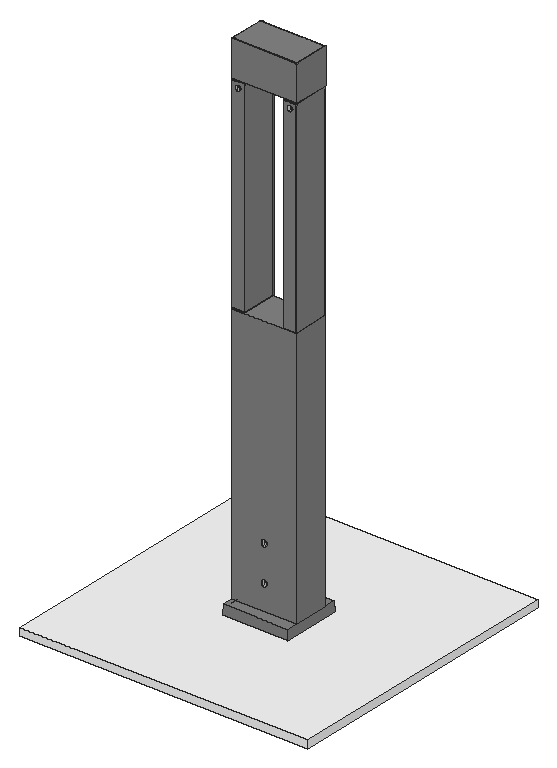
Revit family "BE_77266_de_DE", category Leuchten, Revit 2015
Parameters (values of type "BEGA_77266_Grafit_K3")
  built-in parameter 1150104 = 11.281 (stored number, unit not read)
  Wattage = 4.2 W
  Default Elevation = 0 mm
  built-in parameter 1150113 = 1 (stored number, unit not read)
  built-in parameter 1114218 = 1 (stored number, unit not read)
  Umgebungstemperatur = "25 °C"
  URL = "http://www.bega.de/produkt/77266"
  Typenkommentare = "© 2016 BEGA. Wir behalten uns das Recht vor, technische Änderungen ohne vorherige Ankündigung vorzunehmen."  # constant formula
  Type Image = 77266.png
  built-in parameter 1150134 = (empty or 0)
  built-in parameter 1150109 = 1 (stored number, unit not read)
  Strom = ""
  built-in parameter 1150110 = 1 (stored number, unit not read)
  Spannung = 239.996 V
  Sonderanfertigung = no
  Seriennummer [instance] = "Hier können Sie die eindeutige Seriennummer für das Facility Management eintragen."
  Schutzklasse = "I"
  Schutzart = "IP 65"
  Scheinlast = 0 VA
  Produktdatenblatt = "http://www.bega.de/download/Xrfa/db/77266.db.de.pdf"
  Oberflächentemperatur = ""
  Neigungswinkel = 0.00°
  Modell = "77266"
  Material_18 = BEGA_Gummi_schwarz
  Material_17 = BEGA_Reflektor
  Material_15 = BEGA_Leuchtmedium_matt
  Material_10 = BEGA_Glas_matt
  Material_08 = BEGA_Oberfläche_Stahl_verzinkt
  Material_06 = BEGA_Oberfläche_Edelstahl_gebürstet
  Material_03 = BEGA_Oberfläche_Weiss_matt
  Material_02 = BEGA_Oberfläche_Silber_matt
  Material_01 [instance] = BEGA_Oberfläche_Grafit_matt
  M_G = yes
  M_A = no
  Logo = 0
  built-in parameter 1114217 = 1 (stored number, unit not read)
  built-in parameter 1150139 = (empty or 0)
  built-in parameter 1150105 = 40.585 (stored number, unit not read)
  built-in parameter 1150114 = 1 (stored number, unit not read)
  Lumens = 510.006 lm
  built-in parameter 1150115 = 1 (stored number, unit not read)
  Leuchtenlichtstrom = "156 lm"
  Leuchtenanzahl = ""
  Lebensdauerkriterien = "L70 = 50.000 h"
  Lastklassifizierung = Beleuchtung
  built-in parameter 1150112 = 1 (stored number, unit not read)
  Lampenlichtstrom = "510 lm"
  Lampe = "LED 4.2 W"
  LED_Modulbezeichnung = "2x LED-0234/930"
  built-in parameter 1150142 = (empty or 0)
  Hersteller = "BEGA"  # constant formula
  Halbstreuwinkel = ""
  Gewicht = "2.2 kg"
  Gebrauchslageneinschränkung [instance] = ""
  Frequenz = "0/50-60 Hz"
  Farbwiedergabeindex = "Ra > 90"
  Farbtemperaturverschiebung bei Dämpfen der Lampe = <Keine Auswahl>
  Farbtemperatur = "3000 K"
  Color Filter = 16777215
  built-in parameter 1150133 = 10 (stored number, unit not read)
  Energieeffizienzklasse = "LED A++ - A"
  built-in parameter 1150137 = (empty or 0)
  built-in parameter 1150132 = (empty or 0)
  ENEC = ""
  Dimmbar [instance] = ""
  Datei für fotometrisches Netz = "BE_77266.IES"
  CE_Konformität = "ja"
  Bestellnummer = "77266"
  Beschreibung_Sonderanfertigung = "Hier können Sie Informationen zur Sonderanfertigung eintragen."
  Beschreibung = "Garten- und Wegeleuchte"
  built-in parameter 1150106 = 0.40585 (stored number, unit not read)
  Befestigungsbohrung = "Ø 5,5 mm"
  Befestigungsabstand = ""
  Ballwurfsicher = ""
  BEGA_Intern_aus = yes
  BEGA_Intern_an = yes
  BEGA_Intern_Konstruktion = yes
  BEGA_Intern = yes
  BEGA_IES = yes
  BEGA_Dummy = no
  Anschlussleitung = ""
  Anschlussleistung [instance] = "5.8 W"
  Anschlusskasten = ""
  built-in parameter 1150107 = 3000 (stored number, unit not read)
  built-in parameter 1150102 = (empty or 0)
  built-in parameter 1150138 = (empty or 0)
  Aktualisierung = "2016-11-25T04:14:57"
  Abstand_zur_angestrahlten_Fläche [instance] = ""
  AC/DC = "AC/DC"
Types (2, lengths in mm): name | Modell | M_G | M_A | Bestellnummer
  BEGA_77266_Silber_K3 | "77266A" | no | yes | "77266A"
  BEGA_77266_Grafit_K3 | "77266" | yes | no | "77266"
Reference planes
  plane 1 "Mitte (Vorne/Hinten)": y = 0
  plane 2: z = 0
  plane 3 "Mitte (Links/Rechts)": x = 0
  plane 4 "Links": x = -45.237
  plane 5 "Rechts": x = 45.237
  plane 6 "Unten": y = -40.235
  plane 7 "Oben": y = 40.235
  plane 8 "Vorne": z = 712.472
  plane 9 "Hinten": z = 0
Forms (mm)
  Extrusion 1, solid, material "BEGA_Platte_Weiss"
    sketch origin (0, -1119.2, 0) x (1, 0, 0) y (0, 1, 0)
      loop
        line (-200, 1319.2) -> (-200, 919.2) -> (200, 919.2) -> (200, 1319.2) -> (-200, 1319.2)
    from 0 to -10
  Extrusion 2, solid, material "BEGA_Dummy_matt", visible <- "BEGA_Dummy"
    sketch origin (80.095, -76.023, 0) x (1, 0, 0) y (0, 1, 0)
      loop
        line (-125.332, 116.258) -> (-125.332, 35.788) -> (-34.858, 35.788) -> (-34.858, 116.258) -> (-125.332, 116.258)
    from 0 to 712.472
Dimensions and locks
  plane 1 "Mitte (Vorne/Hinten)" to Extrusion 1 = 200 mm
  aligned and locked: plane 2 to Extrusion 1
  aligned and locked: level to Extrusion 1
Nested families
  nested 1: "BE_77266" at (0, 0, 0), type "BE_77266"
Connectors
  electrical at (0, 0, 0), driven by "Lastklassifizierung", driven by "Spannung", driven by "Scheinlast"
    settings: index 1, voltage 239.996 V, apparent load 0 VA, apparent load phase1 0 VA, apparent load phase2 0 VA, apparent load phase3 0 VA, power factor 1, load classification "Beleuchtung", number of poles 1, system type 31, power factor state 1, is connector primary yes, connector utility no, sub classification motor no, connector description ""
Definition of nested family "BE_77266"
  Parameters (values of type "BE_77266")
    Default Elevation = 1 mm
    URL = "http://www.bega.de/de/produkt"
    Type Comments = "© 2015 BEGA. Wir behalten uns das Recht vor, technische Änderungen ohne vorherige Ankündigung vorzunehmen. "  # constant formula
    Type Image = (empty or 0)
    Material_18 = none
    Material_17 = none
    Material_15 = none
    Material_11 = none
    Material_10 = none
    Material_09 = none
    Material_08 = none
    Material_06 = none
    Material_03 = none
    Material_02 = none
    Material_01 = none
    M_W = yes
    M_G = yes
    M_A = yes
    Länge_Platte = 200 mm  # constant formula
    Höhe_Platte = -10 mm  # constant formula
    Manufacturer = "BEGA"  # constant formula
    Breite_Platte = 200 mm  # constant formula
  Reference planes
    plane 1 "Mitte (Oben/Unten)": y = 0
    plane 2: z = 0
    plane 3 "Mitte (Links/Rechts)": x = 0
    plane 4: x = -45.237
    plane 5: z = 712.472
    plane 6: x = 45.237
    plane 7: y = -40.235
    plane 8: y = 40.235
  Forms (mm)
    Extrusion 1, solid, detail levels medium
      sketch origin (0, 0, 0) x (1, 0, 0) y (0, 1, 0)
        loop
          line (-100, 100) -> (-100, -100) -> (100, -100) -> (100, 100) -> (-100, 100)
      from 0 to -10 <- "Höhe_Platte"
    Sweep 2, solid, material <- "Material_01", visible <- "M_G", detail levels medium+fine
      path origin (0, 0, 0) x (1, 0, 0) y (0, 1, 0)
        loop
          line (-45.237, -40.235) -> (45.233, -40.235) -> (45.233, 40.235) -> (-45.237, 40.235) -> (-45.237, -40.235)
      profile origin (-45.237, 0, 0) x (-1, 0, 0) y (0, 0, 1)
        loop
          line (0, 0) -> (-0.237, 13.572) -> (-6.018, 13.572) -> (-6.018, 10.872) -> (-3.903, 10.872)
          arc (-3.903, 10.872) -> (-3.207, 10.591) -> (-2.903, 9.905) r 1
          line (-2.903, 9.905) -> (-2.557, 0) -> (0, 0)
    Extrusion 3, solid, material <- "Material_01", visible <- "M_G", detail levels medium+fine
      sketch origin (0, 0, 0) x (0, 1, 0) y (0, 0, 1)
        loop
          line (-34.217, 13.572) -> (-34.217, 10.872) -> (-24.011, 10.872) -> (-24.011, 13.572) -> (-34.217, 13.572)
        loop
          line (34.217, 13.572) -> (24.011, 13.572) -> (24.011, 10.872) -> (34.217, 10.872) -> (34.217, 13.572)
      from -39.318 to 39.318
    Revolve 4, solid, material <- "Material_08", detail levels medium+fine
      sketch origin (0, 0, 0) x (1, 0, 0) y (0, 0, 1)
        loop
          line (-21.066, 1) -> (-19.062, 1) -> (-19.062, 120) -> (-21.066, 120) -> (-21.066, 1)
        axis (0, 120) -> (0, 1)
      angle from 0 to 360
    Revolve 5, solid, material <- "Material_08", detail levels medium+fine
      sketch origin (0, 0, 0) x (1, 0, 0) y (0, 0, 1)
        loop
          line (-35, 0) -> (-23.104, 0)
          arc (-23.104, 0) -> (-21.958, 0.278) -> (-21.066, 1.048) r 2.506
          line (-21.066, 1.048) -> (-21.066, 3.828) -> (-22.897, 2) -> (-35, 2) -> (-35, 0)
        axis (0, 3.828) -> (0, 0)
      angle from 0 to 360
    Extrusion 6, void
      sketch origin (0, 0, 0) x (1, 0, 0) y (0, 1, 0)
        loop
          arc (-28.87, -19.787) -> (0, -35) -> (28.87, -19.787) r 35
          line (28.87, -19.787) -> (4.279, -24.123)
          arc (4.279, -24.123) -> (0, -24.5) -> (-4.279, -24.123) r 24.5
          line (-4.279, -24.123) -> (-28.87, -19.787)
      from 0 to 4.997
    Extrusion 7, void
      sketch origin (0, 0, 0) x (1, 0, 0) y (0, 1, 0)
        loop
          circle (0, 30) r 2.75
        loop
          circle (-25.981, -15) r 2.75
        loop
          circle (25.981, -15) r 2.75
      from 0 to 5.294
    Sweep 8, solid, material <- "Material_01", visible <- "M_G", detail levels medium+fine
      path origin (0, 0, 0) x (1, 0, 0) y (0, 1, 0)
        loop
          line (45.233, -25.624) -> (45.233, 24.8) -> (-45.237, 24.8) -> (-45.237, -25.624) -> (45.233, -25.624)
      profile origin (45.233, -0.412, 0) x (-1, 0, 0) y (0, 0, 1)
        loop
          line (3.233, 13.572) -> (3.233, 373.572) -> (0.233, 373.572) -> (0.233, 13.572) -> (3.233, 13.572)
    Revolve 9, void
      sketch origin (0, 0, 0) x (0, 1, 0) y (0, 0, 1)
        loop
          line (-25.391, 52.572) -> (-25.391, 48.572) -> (-22.203, 48.572) -> (-22.203, 52.572) -> (-25.391, 52.572)
        axis (-25.391, 48.572) -> (-22.203, 48.572)
      angle from 0 to 360
    Revolve 10, void
      sketch origin (0, 0, 50) x (0, 1, 0) y (0, 0, 1)
        loop
          line (-25.391, 52.572) -> (-25.391, 48.572) -> (-22.203, 48.572) -> (-22.203, 52.572) -> (-25.391, 52.572)
        axis (-25.391, 48.572) -> (-22.203, 48.572)
      angle from 0 to 360
    Revolve 11, solid, material <- "Material_06", detail levels fine
      sketch origin (0, 0, 50) x (0, 1, 0) y (0, 0, 1)
        loop
          line (-25.391, 52.502) -> (-25.391, 48.572) -> (-19.111, 48.572) -> (-19.111, 51.572) -> (-21.917, 51.572) -> (-21.917, 52.745) -> (-25.391, 52.502)
        axis (-25.391, 48.572) -> (-19.111, 48.572)
      angle from 0 to 360
    Revolve 12, solid, material <- "Material_06", detail levels fine
      sketch origin (0, 0, 0) x (0, 1, 0) y (0, 0, 1)
        loop
          line (-25.391, 52.502) -> (-25.391, 48.572) -> (-19.111, 48.572) -> (-19.111, 51.572) -> (-21.917, 51.572) -> (-21.917, 52.745) -> (-25.391, 52.502)
        axis (-25.391, 48.572) -> (-19.111, 48.572)
      angle from 0 to 360
    Extrusion 13, solid, material <- "Material_01", visible <- "M_G", detail levels medium+fine
      sketch origin (0, 0, 0) x (1, 0, 0) y (0, 1, 0)
        loop
          line (-26.974, -24.916) -> (-26.974, 24.084)
          arc (-26.974, 24.084) -> (-27.12, 24.438) -> (-27.474, 24.584) r 0.5
          line (-27.474, 24.584) -> (-44.474, 24.584)
          arc (-44.474, 24.584) -> (-44.827, 24.438) -> (-44.974, 24.084) r 0.5
          line (-44.974, 24.084) -> (-44.974, -24.916)
          arc (-44.974, -24.916) -> (-44.827, -25.269) -> (-44.474, -25.416) r 0.5
          line (-44.474, -25.416) -> (-27.474, -25.416)
          arc (-27.474, -25.416) -> (-27.12, -25.269) -> (-26.974, -24.916) r 0.5
        loop
          line (-29.498, -21.916) -> (-29.498, 22.084) -> (-42.474, 22.084) -> (-42.474, -21.916) -> (-29.498, -21.916)
        loop
          arc (26.974, -24.916) -> (27.12, -25.269) -> (27.474, -25.416) r 0.5
          line (27.474, -25.416) -> (44.474, -25.416)
          arc (44.474, -25.416) -> (44.827, -25.269) -> (44.974, -24.916) r 0.5
          line (44.974, -24.916) -> (44.974, 24.084)
          arc (44.974, 24.084) -> (44.827, 24.438) -> (44.474, 24.584) r 0.5
          line (44.474, 24.584) -> (27.474, 24.584)
          arc (27.474, 24.584) -> (27.12, 24.438) -> (26.974, 24.084) r 0.5
          line (26.974, 24.084) -> (26.974, -24.916)
        loop
          line (29.498, -21.916) -> (42.474, -21.916) -> (42.474, 22.084) -> (29.498, 22.084) -> (29.498, -21.916)
      from 376.972 to 660.968
    Sweep 14, solid, material <- "Material_01", visible <- "M_G", detail levels medium+fine
      path origin (0, 0, 0) x (1, 0, 0) y (0, 1, 0)
        loop
          line (-44.974, 24.984) -> (-44.974, -25.016) -> (44.974, -25.016) -> (44.974, 24.984) -> (-44.974, 24.984)
      profile origin (-44.974, -0.016, 0) x (1, 0, 0) y (0, 0, 1)
        loop
          line (-0.026, 662.472) -> (16.652, 662.472) -> (16.652, 666.772) -> (19.305, 666.772) -> (19.305, 668.272) -> (2.165, 668.571) -> (2.374, 692.548) -> (7.245, 692.548) -> (7.54, 709.472) -> (16.528, 709.472) -> (16.528, 712.472) -> (0.474, 712.472)
          arc (0.474, 712.472) -> (0.12, 712.326) -> (-0.026, 711.972) r 0.5
          line (-0.026, 711.972) -> (-0.026, 662.472)
    Extrusion 15, solid, material <- "Material_01", visible <- "M_G", detail levels medium+fine
      sketch origin (0, 0, 0) x (1, 0, 0) y (0, 0, 1)
        loop
          line (-28.446, 709.472) -> (28.446, 709.472) -> (28.446, 712.472) -> (-28.446, 712.472) -> (-28.446, 709.472)
      from -8.457 to 8.5
    Extrusion 16, solid, material <- "Material_01", visible <- "M_G", detail levels medium+fine
      sketch origin (0, 0, 0) x (1, 0, 0) y (0, 0, 1)
        loop
          line (-45, 375.472) -> (-45, 373.572) -> (45, 373.572) -> (45, 375.472) -> (-45, 375.472)
      from -24.583 to 25.417
    Extrusion 17, solid, material <- "Material_01", visible <- "M_G", detail levels medium+fine
      sketch origin (0, 0, 0) x (1, 0, 0) y (0, 0, 1)
        loop
          line (-44.25, 375.472) -> (-27.776, 375.472) -> (-27.776, 376.972) -> (-44.25, 376.972) -> (-44.25, 375.472)
        loop
          line (44.25, 375.472) -> (44.25, 376.972) -> (27.776, 376.972) -> (27.776, 375.472) -> (44.25, 375.472)
      from -23.823 to 24.657
    Extrusion 18, void
      sketch origin (0, 0, 0) x (0, 1, 0) y (0, 0, 1)
        loop
          line (-19.543, 666.772) -> (-19.543, 659.674) -> (19.543, 659.674) -> (19.543, 666.772) -> (-19.543, 666.772)
      from -28.322 to 28.322
    Extrusion 19, void
      sketch origin (0, 0, 0) x (0, 1, 0) y (0, 0, 1)
        loop
          line (-16.869, 669.807) -> (-16.869, 666.472) -> (17.005, 666.472) -> (17.005, 669.807) -> (-16.869, 669.807)
      from -25.669 to 25.669
    Extrusion 20, solid, material <- "Material_10", detail levels medium+fine
      sketch origin (0, 0, 0) x (1, 0, 0) y (0, 0, 1)
        loop
          line (-28, 662.472) -> (28, 662.472) -> (28, 666.472) -> (-28, 666.472) -> (-28, 662.472)
      from -19.25 to 19.25
    Extrusion 21, solid, material <- "Material_01", visible <- "M_G", detail levels medium+fine
      sketch origin (0, 0, 0) x (1, 0, 0) y (0, 0, 1)
        loop
          line (-44.276, 662.472) -> (-44.276, 660.968) -> (-27.75, 660.968) -> (-27.75, 662.472) -> (-44.276, 662.472)
        loop
          line (44.276, 662.472) -> (27.75, 662.472) -> (27.75, 660.968) -> (44.276, 660.968) -> (44.276, 662.472)
      from -24.256 to 24.257
    Revolve 22, solid, material <- "Material_06", detail levels fine
      sketch origin (-36, 0, 0) x (0, 1, 0) y (0, 0, -1)
        loop
          line (-24.596, -652.972) -> (-25.817, -652.972) -> (-25.817, -656.172) -> (-24.596, -656.172) -> (-24.596, -652.972)
        axis (-25.817, -652.972) -> (-24.596, -652.972)
      angle from 0 to 360
    Revolve 23, solid, material <- "Material_06", detail levels fine
      sketch origin (36, 0, 0) x (0, 1, 0) y (0, 0, 1)
        loop
          line (-24.596, 652.972) -> (-24.596, 656.172) -> (-25.817, 656.172) -> (-25.817, 652.972) -> (-24.596, 652.972)
        axis (-25.817, 652.972) -> (-24.596, 652.972)
      angle from 0 to 360
    Sweep 24, solid, material <- "Material_02", visible <- "M_A", detail levels medium+fine
      path origin (0, 0, 0) x (1, 0, 0) y (0, 1, 0)
        loop
          line (-45.237, -40.235) -> (45.233, -40.235) -> (45.233, 40.235) -> (-45.237, 40.235) -> (-45.237, -40.235)
      profile origin (-45.237, 0, 0) x (-1, 0, 0) y (0, 0, 1)
        loop
          line (0, 0) -> (-0.237, 13.572) -> (-6.018, 13.572) -> (-6.018, 10.872) -> (-3.903, 10.872)
          arc (-3.903, 10.872) -> (-3.207, 10.591) -> (-2.903, 9.905) r 1
          line (-2.903, 9.905) -> (-2.557, 0) -> (0, 0)
    Extrusion 25, solid, material <- "Material_02", visible <- "M_A", detail levels medium+fine
      sketch origin (0, 0, 0) x (0, 1, 0) y (0, 0, 1)
        loop
          line (-34.217, 13.572) -> (-34.217, 10.872) -> (-24.011, 10.872) -> (-24.011, 13.572) -> (-34.217, 13.572)
        loop
          line (34.217, 13.572) -> (24.011, 13.572) -> (24.011, 10.872) -> (34.217, 10.872) -> (34.217, 13.572)
      from -39.318 to 39.318
    Sweep 26, solid, material <- "Material_02", visible <- "M_A", detail levels medium+fine
      path origin (0, 0, 0) x (1, 0, 0) y (0, 1, 0)
        loop
          line (45.233, -25.624) -> (45.233, 24.8) -> (-45.237, 24.8) -> (-45.237, -25.624) -> (45.233, -25.624)
      profile origin (45.233, -0.412, 0) x (-1, 0, 0) y (0, 0, 1)
        loop
          line (3.233, 13.572) -> (3.233, 373.572) -> (0.233, 373.572) -> (0.233, 13.572) -> (3.233, 13.572)
    Extrusion 27, solid, material <- "Material_02", visible <- "M_A", detail levels medium+fine
      sketch origin (0, 0, 0) x (1, 0, 0) y (0, 0, 1)
        loop
          line (-45, 375.472) -> (-45, 373.572) -> (45, 373.572) -> (45, 375.472) -> (-45, 375.472)
      from -24.583 to 25.417
    Extrusion 28, solid, material <- "Material_02", visible <- "M_A", detail levels medium+fine
      sketch origin (0, 0, 0) x (1, 0, 0) y (0, 0, 1)
        loop
          line (-44.25, 375.472) -> (-27.776, 375.472) -> (-27.776, 376.972) -> (-44.25, 376.972) -> (-44.25, 375.472)
        loop
          line (44.25, 375.472) -> (44.25, 376.972) -> (27.776, 376.972) -> (27.776, 375.472) -> (44.25, 375.472)
      from -23.823 to 24.657
    Sweep 29, solid, material <- "Material_02", visible <- "M_A", detail levels medium+fine
      path origin (0, 0, 0) x (1, 0, 0) y (0, 1, 0)
        loop
          line (-44.974, 24.984) -> (-44.974, -25.016) -> (44.974, -25.016) -> (44.974, 24.984) -> (-44.974, 24.984)
      profile origin (-44.974, -0.016, 0) x (1, 0, 0) y (0, 0, 1)
        loop
          line (-0.026, 662.472) -> (16.652, 662.472) -> (16.652, 666.772) -> (19.305, 666.772) -> (19.305, 668.272) -> (2.165, 668.571) -> (2.374, 692.548) -> (7.245, 692.548) -> (7.54, 709.472) -> (16.528, 709.472) -> (16.528, 712.472) -> (0.474, 712.472)
          arc (0.474, 712.472) -> (0.12, 712.326) -> (-0.026, 711.972) r 0.5
          line (-0.026, 711.972) -> (-0.026, 662.472)
    Extrusion 30, solid, material <- "Material_02", visible <- "M_A", detail levels medium+fine
      sketch origin (0, 0, 0) x (1, 0, 0) y (0, 0, 1)
        loop
          line (-28.446, 709.472) -> (28.446, 709.472) -> (28.446, 712.472) -> (-28.446, 712.472) -> (-28.446, 709.472)
      from -8.457 to 8.5
    Extrusion 31, solid, material <- "Material_02", visible <- "M_A", detail levels medium+fine
      sketch origin (0, 0, 0) x (1, 0, 0) y (0, 0, 1)
        loop
          line (-44.276, 662.472) -> (-44.276, 660.968) -> (-27.75, 660.968) -> (-27.75, 662.472) -> (-44.276, 662.472)
        loop
          line (44.276, 662.472) -> (27.75, 662.472) -> (27.75, 660.968) -> (44.276, 660.968) -> (44.276, 662.472)
      from -24.256 to 24.257
    Extrusion 32, solid, material <- "Material_02", visible <- "M_A", detail levels medium+fine
      sketch origin (0, 0, 0) x (1, 0, 0) y (0, 1, 0)
        loop
          line (-26.974, -24.916) -> (-26.974, 24.084)
          arc (-26.974, 24.084) -> (-27.12, 24.438) -> (-27.474, 24.584) r 0.5
          line (-27.474, 24.584) -> (-44.474, 24.584)
          arc (-44.474, 24.584) -> (-44.827, 24.438) -> (-44.974, 24.084) r 0.5
          line (-44.974, 24.084) -> (-44.974, -24.916)
          arc (-44.974, -24.916) -> (-44.827, -25.269) -> (-44.474, -25.416) r 0.5
          line (-44.474, -25.416) -> (-27.474, -25.416)
          arc (-27.474, -25.416) -> (-27.12, -25.269) -> (-26.974, -24.916) r 0.5
        loop
          line (-29.498, -21.916) -> (-29.498, 22.084) -> (-42.474, 22.084) -> (-42.474, -21.916) -> (-29.498, -21.916)
        loop
          arc (26.974, -24.916) -> (27.12, -25.269) -> (27.474, -25.416) r 0.5
          line (27.474, -25.416) -> (44.474, -25.416)
          arc (44.474, -25.416) -> (44.827, -25.269) -> (44.974, -24.916) r 0.5
          line (44.974, -24.916) -> (44.974, 24.084)
          arc (44.974, 24.084) -> (44.827, 24.438) -> (44.474, 24.584) r 0.5
          line (44.474, 24.584) -> (27.474, 24.584)
          arc (27.474, 24.584) -> (27.12, 24.438) -> (26.974, 24.084) r 0.5
          line (26.974, 24.084) -> (26.974, -24.916)
        loop
          line (29.498, -21.916) -> (42.474, -21.916) -> (42.474, 22.084) -> (29.498, 22.084) -> (29.498, -21.916)
      from 376.972 to 660.968
  Cuts and joins
    Extrusion 7 cuts Sweep 2
    Extrusion 7 cuts Extrusion 3
    joined: Sweep 2, Extrusion 3
    Extrusion 6, Extrusion 7 cuts Revolve 4
    Extrusion 6, Extrusion 7 cuts Revolve 5
    joined: Revolve 4, Revolve 5
    Revolve 9, Revolve 10 cuts Sweep 8
    joined: Sweep 8, Extrusion 16, Extrusion 17
    Extrusion 18, Extrusion 19 cuts Sweep 14
    Extrusion 19 cuts Extrusion 15
    joined: Sweep 14, Extrusion 15, Extrusion 21
    joined: Sweep 24, Extrusion 25
    Revolve 9, Revolve 10 cuts Sweep 26
    joined: Sweep 26, Extrusion 27, Extrusion 28
    Extrusion 18, Extrusion 19 cuts Sweep 29
    joined: Sweep 29, Extrusion 30, Extrusion 31
  Dimensions and locks
    equal spacing: Extrusion 1 sketch curve, plane 3 "Mitte (Links/Rechts)", Extrusion 1 sketch curve
    equal spacing: Extrusion 1 sketch curve, plane 1 "Mitte (Oben/Unten)", Extrusion 1 sketch curve
    "Länge_Platte": Extrusion 1 sketch curve to Extrusion 1 sketch curve
    "Breite_Platte": Extrusion 1 sketch curve to Extrusion 1 sketch curve
    aligned and locked: Extrusion 1 to plane 2
    aligned and locked: level to Extrusion 1
  Automatic sketch dimensions
    Sweep 2 sketch curve to plane 3 "Mitte (Links/Rechts)" = 45.237 mm
    plane 3 "Mitte (Links/Rechts)" to Sweep 2 sketch curve = 45.233 mm
    plane 1 "Mitte (Oben/Unten)" to Sweep 2 sketch curve = 40.235 mm
    Sweep 2 sketch curve to plane 1 "Mitte (Oben/Unten)" = 40.235 mm
    Sweep 2 sketch curve to level = 0 mm
    profile plane to Sweep 2 sketch curve = 6.018 mm
    Sweep 2 sketch curve to Sweep 2 sketch curve = 2.115 mm
    Sweep 2 sketch curve to Sweep 2 sketch curve = 0.999 mm
    profile plane to Sweep 2 sketch curve = 2.557 mm
    profile plane to Sweep 2 sketch curve = 0.237 mm
    profile plane to Sweep 2 sketch curve = 0 mm
    level to Sweep 2 sketch curve = 9.872 mm
    Sweep 2 sketch curve to Sweep 2 sketch curve = 0.033 mm
    Sweep 2 sketch curve to Sweep 2 sketch curve = 3.667 mm
    level to Extrusion 3 sketch curve = 10.872 mm  (x2)
    plane 1 "Mitte (Oben/Unten)" to Extrusion 3 sketch curve = 34.217 mm
    Extrusion 3 sketch curve to Extrusion 3 sketch curve = 10.207 mm  (x2)
    Extrusion 3 sketch curve to plane 1 "Mitte (Oben/Unten)" = 24.011 mm
    Extrusion 3 sketch curve to Extrusion 3 sketch curve = 2.7 mm  (x2)
    Revolve 4 sketch curve to plane 3 "Mitte (Links/Rechts)" = 0 mm
    level to Revolve 4 sketch curve = 1 mm
    Revolve 4 sketch curve to plane 3 "Mitte (Links/Rechts)" = 19.062 mm
    Revolve 4 sketch curve to Revolve 4 sketch curve = 2.004 mm
    Revolve 4 sketch curve to Revolve 4 sketch curve = 119 mm
    Revolve 4 sketch curve to Revolve 4 sketch curve = 50 mm
    Revolve 4 sketch curve to Revolve 4 sketch curve = 10 mm
    Revolve 5 sketch curve to level = 0 mm
    Revolve 5 sketch curve to plane 3 "Mitte (Links/Rechts)" = 0 mm
    level to Revolve 5 sketch curve = 3.828 mm
    Revolve 5 sketch curve to plane 3 "Mitte (Links/Rechts)" = 21.066 mm
    level to Revolve 5 sketch curve = 2 mm
    Revolve 5 sketch curve to Revolve 5 sketch curve = 1.831 mm
    Revolve 5 sketch curve to Revolve 5 sketch curve = 0.207 mm
    Revolve 5 sketch curve to Revolve 5 sketch curve = 11.896 mm
    level to Revolve 5 sketch curve = 1.048 mm
    Revolve 5 sketch curve to Revolve 5 sketch curve = 0.506 mm
    Revolve 5 sketch curve to Revolve 5 sketch curve = 0 mm
    Revolve 5 sketch curve to level = 2 mm
    level to Revolve 5 sketch curve = 3.439 mm
    Extrusion 6 sketch curve to Extrusion 6 sketch curve = 0 mm  (x2)
    plane 1 "Mitte (Oben/Unten)" to Extrusion 6 sketch curve = 0 mm
    Extrusion 6 sketch curve to plane 3 "Mitte (Links/Rechts)" = 0 mm
    Extrusion 6 sketch curve to plane 3 "Mitte (Links/Rechts)" = 4.279 mm
    Extrusion 6 sketch curve to Extrusion 6 sketch curve = 24.59 mm  (x2)
    plane 3 "Mitte (Links/Rechts)" to Extrusion 6 sketch curve = 4.279 mm
    plane 1 "Mitte (Oben/Unten)" to Extrusion 6 sketch curve = 19.787 mm
    plane 1 "Mitte (Oben/Unten)" to Extrusion 6 sketch curve = 24.123 mm
    Sweep 8 sketch curve to plane 3 "Mitte (Links/Rechts)" = 45.237 mm
    plane 3 "Mitte (Links/Rechts)" to Sweep 8 sketch curve = 45.233 mm
    plane 1 "Mitte (Oben/Unten)" to Sweep 8 sketch curve = 25.624 mm
    Sweep 8 sketch curve to plane 1 "Mitte (Oben/Unten)" = 24.8 mm
    Sweep 8 sketch curve to profile plane = 0.233 mm
    Sweep 8 sketch curve to Sweep 8 sketch curve = 3 mm
    profile plane to Sweep 8 sketch curve = 13.572 mm
    Sweep 8 sketch curve to Sweep 8 sketch curve = 360 mm
    plane 1 "Mitte (Oben/Unten)" to Revolve 9 sketch curve = 25.391 mm
    Revolve 9 sketch curve to Revolve 9 sketch curve = 3.187 mm
    level to Revolve 9 sketch curve = 48.572 mm
    Revolve 9 sketch curve to Revolve 9 sketch curve = 4 mm
    Revolve 9 sketch curve to Revolve 9 sketch curve = 1.109 mm
    Revolve 9 sketch curve to Revolve 9 sketch curve = 0.934 mm
    Revolve 9 sketch curve to Revolve 9 sketch curve = 0 mm
    plane 1 "Mitte (Oben/Unten)" to Revolve 10 sketch curve = 25.391 mm
    Revolve 10 sketch curve to Revolve 10 sketch curve = 3.187 mm
    level to Revolve 10 sketch curve = 98.572 mm
    Revolve 10 sketch curve to Revolve 10 sketch curve = 4 mm
    Revolve 10 sketch curve to Revolve 10 sketch curve = 1.109 mm
    Revolve 10 sketch curve to Revolve 10 sketch curve = 0.934 mm
    Revolve 10 sketch curve to Revolve 10 sketch curve = 0 mm
    plane 1 "Mitte (Oben/Unten)" to Revolve 11 sketch curve = 25.391 mm
    Revolve 11 sketch curve to Revolve 11 sketch curve = 3.474 mm
    Revolve 11 sketch curve to Revolve 11 sketch curve = 2.806 mm
    level to Revolve 11 sketch curve = 98.572 mm
    Revolve 11 sketch curve to Revolve 11 sketch curve = 3 mm
    Revolve 11 sketch curve to Revolve 11 sketch curve = 0.93 mm
    Revolve 11 sketch curve to Revolve 11 sketch curve = 1.173 mm
    Revolve 11 sketch curve to Revolve 11 sketch curve = 1.604 mm
    Revolve 11 sketch curve to Revolve 11 sketch curve = 0.85 mm
    Revolve 11 sketch curve to Revolve 11 sketch curve = 0 mm
    plane 1 "Mitte (Oben/Unten)" to Revolve 12 sketch curve = 25.391 mm
    Revolve 12 sketch curve to Revolve 12 sketch curve = 3.474 mm
    Revolve 12 sketch curve to Revolve 12 sketch curve = 2.806 mm
    level to Revolve 12 sketch curve = 48.572 mm
    Revolve 12 sketch curve to Revolve 12 sketch curve = 3 mm
    Revolve 12 sketch curve to Revolve 12 sketch curve = 0.93 mm
    Revolve 12 sketch curve to Revolve 12 sketch curve = 1.173 mm
    Revolve 12 sketch curve to Revolve 12 sketch curve = 1.604 mm
    Revolve 12 sketch curve to Revolve 12 sketch curve = 0.85 mm
    Revolve 12 sketch curve to Revolve 12 sketch curve = 0 mm
    Extrusion 13 sketch curve to plane 1 "Mitte (Oben/Unten)" = 24.084 mm  (x2)
    Extrusion 13 sketch curve to plane 3 "Mitte (Links/Rechts)" = 44.974 mm
    Extrusion 13 sketch curve to Extrusion 13 sketch curve = 0.5 mm  (x6)
    Extrusion 13 sketch curve to Extrusion 13 sketch curve = 2 mm  (x5)
    Extrusion 13 sketch curve to Extrusion 13 sketch curve = 12.976 mm  (x2)
    Extrusion 13 sketch curve to Extrusion 13 sketch curve = 2.024 mm  (x3)
    plane 3 "Mitte (Links/Rechts)" to Extrusion 13 sketch curve = 26.974 mm
    plane 1 "Mitte (Oben/Unten)" to Extrusion 13 sketch curve = 21.916 mm  (x2)
    Extrusion 13 sketch curve to Extrusion 13 sketch curve = 3 mm  (x2)
    Extrusion 13 sketch curve to Extrusion 13 sketch curve = 0 mm  (x2)
    Sweep 14 sketch curve to plane 3 "Mitte (Links/Rechts)" = 44.974 mm
    plane 3 "Mitte (Links/Rechts)" to Sweep 14 sketch curve = 44.974 mm
    plane 1 "Mitte (Oben/Unten)" to Sweep 14 sketch curve = 25.016 mm
    Sweep 14 sketch curve to plane 1 "Mitte (Oben/Unten)" = 24.984 mm
    profile plane to Sweep 14 sketch curve = 0.026 mm
    Sweep 14 sketch curve to profile plane = 0.474 mm
    Sweep 14 sketch curve to profile plane = 2.165 mm
    Sweep 14 sketch curve to profile plane = 2.374 mm
    Sweep 14 sketch curve to Sweep 14 sketch curve = 4.87 mm
    Sweep 14 sketch curve to Sweep 14 sketch curve = 7.067 mm
    Sweep 14 sketch curve to Sweep 14 sketch curve = 8.988 mm
    Sweep 14 sketch curve to Sweep 14 sketch curve = 14.487 mm
    Sweep 14 sketch curve to Sweep 14 sketch curve = 2.653 mm
    level to Sweep 14 sketch curve = 662.472 mm
    Sweep 14 sketch curve to Sweep 14 sketch curve = 4.3 mm
    Sweep 14 sketch curve to Sweep 14 sketch curve = 1.5 mm
    Sweep 14 sketch curve to Sweep 14 sketch curve = 6.099 mm
    Sweep 14 sketch curve to Sweep 14 sketch curve = 23.976 mm
    Sweep 14 sketch curve to Sweep 14 sketch curve = 16.924 mm
    Sweep 14 sketch curve to Sweep 14 sketch curve = 2.5 mm
    Extrusion 15 sketch curve to plane 3 "Mitte (Links/Rechts)" = 28.446 mm
    plane 3 "Mitte (Links/Rechts)" to Extrusion 15 sketch curve = 28.446 mm
    level to Extrusion 15 sketch curve = 709.472 mm
    Extrusion 15 sketch curve to Extrusion 15 sketch curve = 3 mm
    Extrusion 16 sketch curve to plane 3 "Mitte (Links/Rechts)" = 45 mm
    plane 3 "Mitte (Links/Rechts)" to Extrusion 16 sketch curve = 45 mm
    level to Extrusion 16 sketch curve = 373.572 mm
    Extrusion 16 sketch curve to Extrusion 16 sketch curve = 1.9 mm
    Extrusion 17 sketch curve to plane 3 "Mitte (Links/Rechts)" = 44.25 mm
    Extrusion 17 sketch curve to Extrusion 17 sketch curve = 16.474 mm  (x2)
    plane 3 "Mitte (Links/Rechts)" to Extrusion 17 sketch curve = 27.776 mm
    level to Extrusion 17 sketch curve = 375.472 mm
    Extrusion 17 sketch curve to Extrusion 17 sketch curve = 0 mm
    Extrusion 17 sketch curve to Extrusion 17 sketch curve = 1.5 mm  (x2)
    plane 1 "Mitte (Oben/Unten)" to Extrusion 18 sketch curve = 19.543 mm
    Extrusion 18 sketch curve to plane 1 "Mitte (Oben/Unten)" = 19.543 mm
    level to Extrusion 18 sketch curve = 659.674 mm
    Extrusion 18 sketch curve to Extrusion 18 sketch curve = 7.098 mm
    plane 1 "Mitte (Oben/Unten)" to Extrusion 19 sketch curve = 16.869 mm
    Extrusion 19 sketch curve to plane 1 "Mitte (Oben/Unten)" = 17.005 mm
    level to Extrusion 19 sketch curve = 666.472 mm
    Extrusion 19 sketch curve to Extrusion 19 sketch curve = 3.335 mm
    Extrusion 20 sketch curve to plane 3 "Mitte (Links/Rechts)" = 28 mm
    plane 3 "Mitte (Links/Rechts)" to Extrusion 20 sketch curve = 28 mm
    level to Extrusion 20 sketch curve = 662.472 mm
    Extrusion 20 sketch curve to Extrusion 20 sketch curve = 4 mm
    Extrusion 21 sketch curve to plane 3 "Mitte (Links/Rechts)" = 44.276 mm
    Extrusion 21 sketch curve to Extrusion 21 sketch curve = 16.526 mm  (x2)
    plane 3 "Mitte (Links/Rechts)" to Extrusion 21 sketch curve = 27.75 mm
    level to Extrusion 21 sketch curve = 660.968 mm
    Extrusion 21 sketch curve to Extrusion 21 sketch curve = 0 mm
    Extrusion 21 sketch curve to Extrusion 21 sketch curve = 1.504 mm  (x2)
    plane 1 "Mitte (Oben/Unten)" to Revolve 22 sketch curve = 25.817 mm
    Revolve 22 sketch curve to Revolve 22 sketch curve = 1.221 mm
    level to Revolve 22 sketch curve = 656.172 mm
    Revolve 22 sketch curve to Revolve 22 sketch curve = 3.2 mm
    Revolve 22 sketch curve to Revolve 22 sketch curve = 0 mm  (x3)
    plane 1 "Mitte (Oben/Unten)" to Revolve 23 sketch curve = 25.817 mm
    Revolve 23 sketch curve to Revolve 23 sketch curve = 1.221 mm
    level to Revolve 23 sketch curve = 652.972 mm
    Revolve 23 sketch curve to Revolve 23 sketch curve = 3.2 mm
    Revolve 23 sketch curve to Revolve 23 sketch curve = 0 mm  (x3)
    Sweep 24 sketch curve to plane 3 "Mitte (Links/Rechts)" = 45.237 mm
    plane 3 "Mitte (Links/Rechts)" to Sweep 24 sketch curve = 45.233 mm
    plane 1 "Mitte (Oben/Unten)" to Sweep 24 sketch curve = 40.235 mm
    Sweep 24 sketch curve to plane 1 "Mitte (Oben/Unten)" = 40.235 mm
    Sweep 24 sketch curve to level = 0 mm
    profile plane to Sweep 24 sketch curve = 6.018 mm
    Sweep 24 sketch curve to Sweep 24 sketch curve = 2.115 mm
    Sweep 24 sketch curve to Sweep 24 sketch curve = 0.999 mm
    profile plane to Sweep 24 sketch curve = 2.557 mm
    profile plane to Sweep 24 sketch curve = 0.237 mm
    profile plane to Sweep 24 sketch curve = 0 mm
    level to Sweep 24 sketch curve = 9.872 mm
    Sweep 24 sketch curve to Sweep 24 sketch curve = 0.033 mm
    Sweep 24 sketch curve to Sweep 24 sketch curve = 3.667 mm
    level to Extrusion 25 sketch curve = 10.872 mm  (x2)
    plane 1 "Mitte (Oben/Unten)" to Extrusion 25 sketch curve = 34.217 mm
    Extrusion 25 sketch curve to Extrusion 25 sketch curve = 10.207 mm  (x2)
    Extrusion 25 sketch curve to plane 1 "Mitte (Oben/Unten)" = 24.011 mm
    Extrusion 25 sketch curve to Extrusion 25 sketch curve = 2.7 mm  (x2)
    Sweep 26 sketch curve to plane 3 "Mitte (Links/Rechts)" = 45.237 mm
    plane 3 "Mitte (Links/Rechts)" to Sweep 26 sketch curve = 45.233 mm
    plane 1 "Mitte (Oben/Unten)" to Sweep 26 sketch curve = 25.624 mm
    Sweep 26 sketch curve to plane 1 "Mitte (Oben/Unten)" = 24.8 mm
    Sweep 26 sketch curve to profile plane = 0.233 mm
    Sweep 26 sketch curve to Sweep 26 sketch curve = 3 mm
    profile plane to Sweep 26 sketch curve = 13.572 mm
    Sweep 26 sketch curve to Sweep 26 sketch curve = 360 mm
    Extrusion 27 sketch curve to plane 3 "Mitte (Links/Rechts)" = 45 mm
    plane 3 "Mitte (Links/Rechts)" to Extrusion 27 sketch curve = 45 mm
    level to Extrusion 27 sketch curve = 373.572 mm
    Extrusion 27 sketch curve to Extrusion 27 sketch curve = 1.9 mm
    Extrusion 28 sketch curve to plane 3 "Mitte (Links/Rechts)" = 44.25 mm
    Extrusion 28 sketch curve to Extrusion 28 sketch curve = 16.474 mm  (x2)
    plane 3 "Mitte (Links/Rechts)" to Extrusion 28 sketch curve = 27.776 mm
    level to Extrusion 28 sketch curve = 375.472 mm
    Extrusion 28 sketch curve to Extrusion 28 sketch curve = 0 mm
    Extrusion 28 sketch curve to Extrusion 28 sketch curve = 1.5 mm  (x2)
    Sweep 29 sketch curve to plane 3 "Mitte (Links/Rechts)" = 44.974 mm
    plane 3 "Mitte (Links/Rechts)" to Sweep 29 sketch curve = 44.974 mm
    plane 1 "Mitte (Oben/Unten)" to Sweep 29 sketch curve = 25.016 mm
    Sweep 29 sketch curve to plane 1 "Mitte (Oben/Unten)" = 24.984 mm
    profile plane to Sweep 29 sketch curve = 0.026 mm
    Sweep 29 sketch curve to profile plane = 0.474 mm
    Sweep 29 sketch curve to profile plane = 2.165 mm
    Sweep 29 sketch curve to profile plane = 2.374 mm
    Sweep 29 sketch curve to Sweep 29 sketch curve = 4.87 mm
    Sweep 29 sketch curve to Sweep 29 sketch curve = 7.067 mm
    Sweep 29 sketch curve to Sweep 29 sketch curve = 8.988 mm
    Sweep 29 sketch curve to Sweep 29 sketch curve = 14.487 mm
    Sweep 29 sketch curve to Sweep 29 sketch curve = 2.653 mm
    level to Sweep 29 sketch curve = 662.472 mm
    Sweep 29 sketch curve to Sweep 29 sketch curve = 4.3 mm
    Sweep 29 sketch curve to Sweep 29 sketch curve = 1.5 mm
    Sweep 29 sketch curve to Sweep 29 sketch curve = 6.099 mm
    Sweep 29 sketch curve to Sweep 29 sketch curve = 23.976 mm
    Sweep 29 sketch curve to Sweep 29 sketch curve = 16.924 mm
    Sweep 29 sketch curve to Sweep 29 sketch curve = 2.5 mm
    Extrusion 30 sketch curve to plane 3 "Mitte (Links/Rechts)" = 28.446 mm
    plane 3 "Mitte (Links/Rechts)" to Extrusion 30 sketch curve = 28.446 mm
    level to Extrusion 30 sketch curve = 709.472 mm
    Extrusion 30 sketch curve to Extrusion 30 sketch curve = 3 mm
    Extrusion 31 sketch curve to plane 3 "Mitte (Links/Rechts)" = 44.276 mm
    Extrusion 31 sketch curve to Extrusion 31 sketch curve = 16.526 mm  (x2)
    plane 3 "Mitte (Links/Rechts)" to Extrusion 31 sketch curve = 27.75 mm
    level to Extrusion 31 sketch curve = 660.968 mm
    Extrusion 31 sketch curve to Extrusion 31 sketch curve = 0 mm
    Extrusion 31 sketch curve to Extrusion 31 sketch curve = 1.504 mm  (x2)
    Extrusion 32 sketch curve to plane 1 "Mitte (Oben/Unten)" = 24.084 mm  (x2)
    Extrusion 32 sketch curve to plane 3 "Mitte (Links/Rechts)" = 44.974 mm
    Extrusion 32 sketch curve to Extrusion 32 sketch curve = 0.5 mm  (x6)
    Extrusion 32 sketch curve to Extrusion 32 sketch curve = 2 mm  (x5)
    Extrusion 32 sketch curve to Extrusion 32 sketch curve = 12.976 mm  (x2)
    Extrusion 32 sketch curve to Extrusion 32 sketch curve = 2.024 mm  (x3)
    plane 3 "Mitte (Links/Rechts)" to Extrusion 32 sketch curve = 26.974 mm
    plane 1 "Mitte (Oben/Unten)" to Extrusion 32 sketch curve = 21.916 mm  (x2)
    Extrusion 32 sketch curve to Extrusion 32 sketch curve = 3 mm  (x2)
    Extrusion 32 sketch curve to Extrusion 32 sketch curve = 0 mm  (x2)
